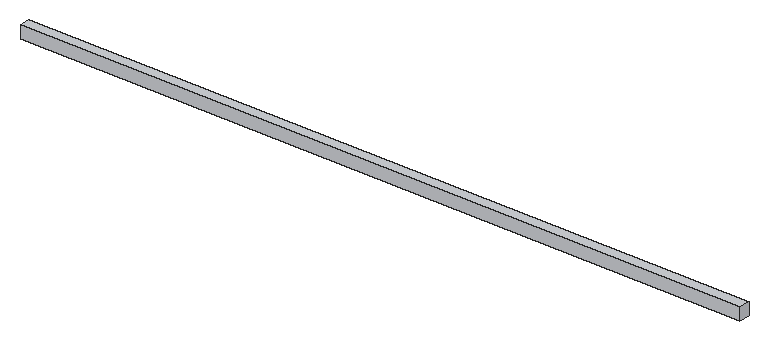
Revit family "SUPERBRILLOSA DIFUSA 2216_S242300W.1", category Luminarias, Revit 2019
Family settings
  Cota de conector redondo = Diámetro de uso
  Tipo de pieza = Normal
  Se basa en plano de trabajo = Sí
  Siempre vertical = No
  Corte con vacíos al cargar = No
  Origen de luz = Sí
  Compartido = No
  Punto de cálculo de habitación = No
Parameters (values of type "SUPERBRILLOSA DIFUSA 2216_S242300W.1")
  Tilt Angle = 60.00°
  Zone [instance] = ""
  Watt per fixture [instance] = (Longitud / 1000 mm) * (15)  # 15
  Wattage = 15 W
  built-in parameter 1150107 = 3000 (stored number, unit not read)
  built-in parameter 1150110 = 1 (stored number, unit not read)
  built-in parameter 1150109 = 1 (stored number, unit not read)
  built-in parameter 1150112 = 1 (stored number, unit not read)
  built-in parameter 1150113 = 1 (stored number, unit not read)
  built-in parameter 1114218 = 1 (stored number, unit not read)
  built-in parameter 1150137 = (empty or 0)
  built-in parameter 1150132 = (empty or 0)
  Modelo Lampara = ""
  Modelo = "S242300W.1"
  Marca = "BRILLANT"
  Longitud de línea de emisión = 600 mm
  Longitud [instance] = 1000 mm
  built-in parameter 1150105 = 101.46 (stored number, unit not read)
  built-in parameter 1150102 = (empty or 0)
  built-in parameter 1150106 = 1.0146 (stored number, unit not read)
  Lumens = 1275 lm
  Color Filter = 16777215
  built-in parameter 1114217 = 1 (stored number, unit not read)
  built-in parameter 1150139 = (empty or 0)
  Fabricante = "BRILLANT"
  Default Elevation = 0 mm
  built-in parameter 1150104 = 7.8968 (stored number, unit not read)
  Descripción = "TIRA LUMINOSA MONOCROMATICADE PCB BLANCO CON RECUBRIMIENTO DE PLASTICO CON UNA POTENCIA DE 15W/M, USO PARA EXTERIORES IP66, IRC 90,  TEMPERATURA EN BLANCO CALIDO 3000K, 1275 LUMENES/M, PRESENTACION DE 5M, CORTE 2.5CM, ALIMENTADO A 24V, REQUIERE ACCESORIOS."
  built-in parameter 1150115 = 1 (stored number, unit not read)
  built-in parameter 1150114 = 1 (stored number, unit not read)
  Costo USD_S242300 [instance] = (Longitud / 1000 mm) * (25)  # 25
  Comentarios de vataje = "24"
  built-in parameter 1150138 = (empty or 0)
  built-in parameter 1150134 = (empty or 0)
  Circuit [instance] = ""
  Dimming Lamp Color Temperature Shift = (empty or 0)
  Archivo de red fotométrica = "S242300W.1.IES"
  built-in parameter 1150133 = 10 (stored number, unit not read)
Reference planes
  plane 1 "Centro (Frontal/Posterior)": y = 0
  plane 2: z = 0
  plane 3 "Centro (Izquierda/Derecha)": x = 0
  plane 4 "IZQ": x = -1000
  plane 5: z = 17
Forms (mm)
  Extrusion 1, solid
    sketch origin (0, 0, 0) x (1, 0, 0) y (0, 1, 0)
      loop
        line (-1000, 7) -> (-1000, -7) -> (0, -7) -> (0, 7) -> (-1000, 7)
    from 0 to 17
Dimensions and locks
  plane 5 to imposter light = 17 mm
  "Longitud": plane 4 "IZQ" to plane 3 "Centro (Izquierda/Derecha)"
  aligned and locked: level to plane 2
  aligned and locked: plane 4 "IZQ" to Extrusion 1
  aligned and locked: plane 5 to Extrusion 1
  aligned and locked: plane 3 "Centro (Izquierda/Derecha)" to Extrusion 1
Automatic sketch dimensions
  Extrusion 1 sketch curve to plane 4 "IZQ" = 0 mm
  Extrusion 1 sketch curve to plane 3 "Centro (Izquierda/Derecha)" = 0 mm
  plane 1 "Centro (Frontal/Posterior)" to Extrusion 1 sketch curve = 7 mm
  Extrusion 1 sketch curve to plane 1 "Centro (Frontal/Posterior)" = 7 mm
Connectors
  electrical at (0, 0, 8.5)
    settings: on Extrusion 1, index 1, voltage 24 V, apparent load 0 VA, apparent load phase1 0 VA, apparent load phase2 0 VA, apparent load phase3 0 VA, power factor 1, load classification "Otro", number of poles 1, system type 31, power factor state 1, is connector primary yes, connector utility no, sub classification motor no, connector description ""
